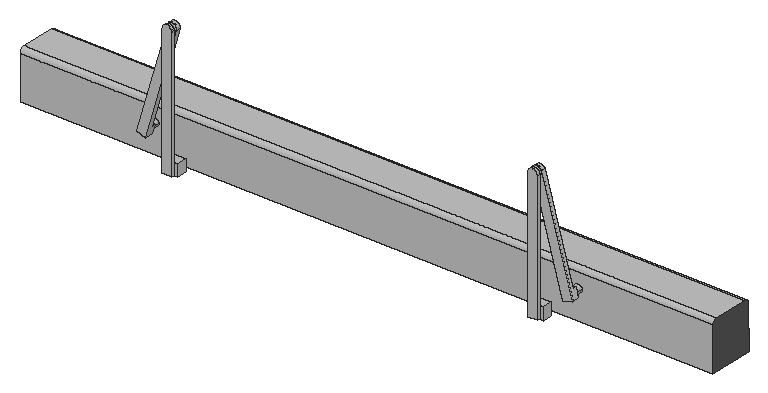
Revit family "Door-Operator_Electric_Tormax_1201", category Generic Models, Revit 2026
Family settings
  Can host rebar = No
  Round Connector Dimension = Use Diameter
  Part Type = Normal
  Classification Number = 23.30.40.11.34
  Work Plane-Based = Yes
  Always vertical = No
  Cut with Voids When Loaded = No
  Maintain Annotation Orientation = No
  Shared = No
  Room Calculation Point = No
Parameters (values of type "as Specified")
  Wind Load = "as Specified"
  Warranty Duration (Years) = 0
  Unit Width [instance] = if(Custom Full Header Width > 0' 0", Custom Full Header Width, 2' 7 1/2")  # 6' - 0"
  Unit Height = 0' - 4 9/16"
  Unit Depth = 0' - 5"
  URL = "http://www.tormaxusa.com/"
  Test Data = ""
  Standards Conformance = "as Specified"
  Specification = "https://www.arcat.com/sdspecs/htm04/08_71_13tor.htm"
  SpecWizard = "https://www.arcat.com/specwizard/08731tor/index04.htm"
  Sound Pressure = "as Specified"
  Side Finish [instance] = Finish - Tormax - Black
  Send Message = ""
  Sales Information = "http://www.tormaxusa.com/en/43/contact"
  Revision = "R1_2018-04"
  Product Properties = ""
  Product Page URL = ""
  Product Data = "https://www.arcat.com/arcatcos/cos43/arc43969.html"
  Operator Arm Side B = Operator Arm : Standard Arm
  Operator Arm Side A = Operator Arm : Standard Arm
  Model = "as Specified"
  Manufacturer Website = "http://www.tormaxusa.com/"
  Manufacturer Phone - Toll Free = "888-685-3707"
  Manufacturer Phone = "210-494-3551"
  Manufacturer Fax = "210-494-5930"
  Manufacturer Address = "12859 Wetmore Rd. San Antonio, TX 78247"
  Manufacturer = "TORMAX USA Inc."
  Maintenance Schedule (Months) = 0
  Keynote = "08 71 13"
  Installation-Fabrication = ""
  Installation Phase = ""
  Hardware Finish [instance] = Finish - Tormax - Aluminum
  Green Building-LEED = "https://www.arcat.com/green/clients/leed_data_43969.html"
  Expected Lifespan (Years) = 0
  Electrical_Voltage [instance] = 120 V
  Electrical_VA [instance] = Electrical_Voltage * Electrical_Amperage  # 0 VA
  Electrical_Phase [instance] = 1
  Electrical_Number of Poles [instance] = 1
  Electrical_Frequency [instance] = 60 Hz
  Electrical_Amperage [instance] = 0 A
  Drawn By = "Sumex Design, Inc. / Robert S. Weygant, CSI, CDT, SCIP"
  Door Reveal Side B [instance] = 0' - 0"
  Door Reveal Side A [instance] = 0' - 0"
  Description = "Tormax Product as Specified"
  Default Elevation = 4' - 0"
  Custom Full Header Width [instance] = 6' - 0"
  Copyright = "©Arcat Inc."
  Construction Details = "https://www.arcat.com/details/tormax/tormax.html?coid=43969"
  Capacity = "as Specified"
  CAD Details = ""
  Building Codes = ""
  Available Options = "as Specified"
  Assembly Code = "C1020410"
  Arm Spindle CL Inset [instance] = 1' - 2"
  Arm Finish [instance] = Finish - Tormax - Aluminum
Reference planes (in)
  plane 1 "Center (Front/Back)": y = 0
  plane 2 "Bottom": z = 0
  plane 3 "Center (Left/Right)": x = 0
  plane 4 "Back": y = 4.5625
  plane 5 "Left": x = -36
  plane 6 "Right": x = 36
  plane 7: x = -22
  plane 8: z = 0
  plane 9: x = 22
  plane 10: z = 3
Forms (in)
  Extrusion 1, solid, material "Finish - Tormax - Aluminum" <- "Hardware Finish"
    sketch origin (0, 0, 0) x (1, 0, 0) y (0, 0, 1)
      loop
        line (-36, 0) -> (36, 0) -> (36, 5) -> (-36, 5) -> (-36, 0)
    from 0 to -4.5625
  Extrusion 2, void
    sketch origin (0, 0, 0) x (0, 1, 0) y (0, 0, 1)
      loop
        line (0, 5) -> (0, 4.5)
        arc (0, 4.5) -> (0.14645, 4.85355) -> (0.5, 5) r 0.5
        line (0.5, 5) -> (0, 5)
      loop
        line (4.5625, 5) -> (4.0625, 5)
        arc (4.0625, 5) -> (4.41605, 4.85355) -> (4.5625, 4.5) r 0.5
        line (4.5625, 4.5) -> (4.5625, 5)
    from -36 to 36
Cuts and joins
  Extrusion 2 cuts Extrusion 1
Dimensions and locks (in)
  "Unit Height": plane 4 "Back" to plane 1 "Center (Front/Back)"
  equal spacing: plane 5 "Left", plane 3 "Center (Left/Right)", plane 6 "Right"
  "Unit Width": plane 5 "Left" to plane 6 "Right"
  "Arm Spindle CL Inset": plane 5 "Left" to plane 7
  "Door Reveal Side A": level to plane 8
  "Arm Spindle CL Inset": plane 9 to plane 6 "Right"
  plane 1 "Center (Front/Back)" to nested 1 = 0' - 0"
  plane 1 "Center (Front/Back)" to nested 2 = 0' - 0"
  locked: plane 10 to level at 3
  Extrusion 2 sketch curve to plane 4 "Back" to Extrusion 2 sketch curve = 0' - 0 1/2" locked, 0' - 0" locked
  aligned and locked: plane 7 to nested 1
  aligned and locked: nested 2 to plane 9
  aligned and locked: Extrusion 1 sketch curve to plane 6 "Right"
  aligned and locked: plane 5 "Left" to Extrusion 1 sketch curve
  aligned and locked: plane 6 "Right" to Extrusion 2
  aligned and locked: Extrusion 2 to plane 5 "Left"
  aligned and locked: plane 4 "Back" to Extrusion 1
Automatic sketch dimensions
  Extrusion 1 sketch curve to level = 0' - 0"
  level to Extrusion 1 sketch curve = 0' - 5"
  Extrusion 2 sketch curve to plane 1 "Center (Front/Back)" = 0' - 0"
  Extrusion 2 sketch curve to Extrusion 2 sketch curve = 0' - 0 1/2"
  plane 10 to Extrusion 2 sketch curve = 0' - 2"
  plane 10 to Extrusion 2 sketch curve = 0' - 1 1/2"
Nested families (in)
  nested 1: "Operator Arm" at (-22, 0, 0), Hardware Finish <- "Arm Finish", type <- "Operator Arm Side A", Reveal <- "Door Reveal Side A", type "Standard Arm"
    with spindlevis yes, Spindle CL from Rear of Case 0' - 3", Reveal 0' - 0", Hardware Finish Finish - Tormax - Aluminum
  nested 2: "Operator Arm" at (22, 0, 0) x (-1, 0, 0) z (0, 0, 1), Hardware Finish <- "Arm Finish", type <- "Operator Arm Side B", Reveal <- "Door Reveal Side B", type "Standard Arm"
    with spindlevis yes, Spindle CL from Rear of Case 0' - 3", Reveal 0' - 0", Hardware Finish Finish - Tormax - Aluminum
Connectors (in)
  electrical at (0, 2.28125, 0), driven by "Electrical_Number of Poles", driven by "Electrical_Voltage", driven by "Electrical_VA"
    settings: on Extrusion 1, index 2, voltage 120 V, apparent load 0 VA, apparent load phase1 0 VA, apparent load phase2 0 VA, apparent load phase3 0 VA, power factor 1, load classification "Other", number of poles 1, system type 31, power factor state 1, is connector primary yes, connector utility no, sub classification motor no, connector description ""
  electrical at (0, 2.28125, 0)
    settings: on Extrusion 1, index 3, voltage 0 V, apparent load 0 VA, apparent load phase1 0 VA, apparent load phase2 0 VA, apparent load phase3 0 VA, power factor 1, load classification "Other", number of poles 1, system type 13, power factor state 1, is connector primary no, connector utility no, sub classification motor no, connector description ""
Definition of nested family "Operator Arm"
  Parameters (values of type "Standard Arm")
    spindlevis [instance] = or(Arm, Track Flush, Track Reveal)  # yes
    Warranty Duration (Years) = 0
    URL = ""
    Track Reveal = no
    Track Flush = no
    Spindle CL from Rear of Case [instance] = 0' - 3"
    Model = ""
    Manufacturer = ""
    Maintenance Schedule (Months) = 0
    Keynote = ""
    Installation Phase = ""
    Hardware Finish [instance] = none
    Expected Lifespan (Years) = 0
    Reveal [instance] = 0' - 3"
    Description = ""
    Default Elevation = 4' - 0"
    Assembly Code = ""
    Arm = yes
  Types (5): name | spindlevis | Track Reveal | Track Flush | Arm
    (no name) | yes | no | no | yes
    Standard Arm | yes | no | no | yes
    Track Arm Flush | yes | no | yes | no
    Track Arm for Reveal | yes | yes | no | no
    No Arm | no | no | no | no
  Reference planes (in)
    plane 1 "Center (Front/Back)": y = 0
    plane 2 "Bottom": z = 0
    plane 3 "Center (Left/Right)": x = 0
    plane 4: z = -3
    plane 5: z = 3
    plane 6: x = 16.93119
    plane 7: z = 7.43749
    plane 8: z = -1.75603
    plane 9: x = 9.51623
  Forms (in)
    Extrusion 1, solid, material <- "Hardware Finish", visible <- "Track Flush"
      sketch origin (0, 0, 0) x (1, 0, 0) y (0, 0, 1)
        loop
          line (-10, 0) -> (18, 0) -> (18, 0.5) -> (-10, 0.5) -> (-10, 0)
      from 1.75 to 3.0625
    Extrusion 2, solid, material <- "Hardware Finish", visible <- "Track Flush"
      sketch origin (0, 0, 0) x (1, 0, 0) y (0, 0, 1)
        loop
          line (-10, 0.5) -> (18, 0.5) -> (18, 1.9375) -> (-10, 1.9375) -> (-10, 0.5)
      from 1.8125 to 3
    Extrusion 3, solid, material <- "Hardware Finish", visible <- "spindlevis"
      sketch origin (0, 0, 0) x (1, 0, 0) y (0, 0, 1)
        loop
          circle (0, 3) r 0.375
      from 0 to 1.01149
    Extrusion 4, solid, material <- "Hardware Finish", visible <- "Track Flush"
      sketch origin (-0.36561, 0, 0.02236) x (0.992546, 0, -0.121869) y (0.121869, 0, 0.992546)
        loop
          line (0.5, 3.5) -> (-0.5, 3.5) -> (-0.5, 2.5) -> (0.5, 2.5) -> (0.5, 3.5)
      from 0.75 to 1.5
    Extrusion 5, solid, material <- "Hardware Finish", visible <- "Track Flush"
      sketch origin (-0.36561, 0, 0.02236) x (0.992546, 0, -0.121869) y (0.121869, 0, 0.992546)
        loop
          line (-0.5, 3.5) -> (-0.5, 2.5) -> (14, 2.5)
          arc (14, 2.5) -> (14.5, 3) -> (14, 3.5) r 0.5
          line (14, 3.5) -> (-0.5, 3.5)
      from 1.125 to 1.5
    Extrusion 6, solid, material <- "Hardware Finish", visible <- "Track Flush"
      sketch origin (0, 0, 0) x (1, 0, 0) y (0, 0, 1)
        loop
          circle (13.89565, 1.29383) r 0.25
      from 1.5 to 1.8125
    Extrusion 7, solid, material <- "Hardware Finish", visible <- "Arm"
      sketch origin (-0.82691, 0, 0.11621) x (-0.961262, 0, 0.275637) y (-0.275637, 0, -0.961262)
        loop
          line (0.5, -2.5) -> (-0.5, -2.5) -> (-0.5, -14)
          arc (-0.5, -14) -> (0, -14.5) -> (0.5, -14) r 0.5
          line (0.5, -14) -> (0.5, -2.5)
      from 1.1875 to 1.5625
    Extrusion 8, solid, material <- "Hardware Finish", visible <- "Arm"
      sketch origin (-0.82691, 0, 0.11621) x (-0.961262, 0, 0.275637) y (-0.275637, 0, -0.961262)
        loop
          circle (0, -14) r 0.4375
      from 1.5625 to 1.9375
    Extrusion 9, solid, material <- "Hardware Finish", visible <- "Arm"
      sketch origin (3, 0, 0) x (-1, 0, 0) y (0, 0, -1)
        loop
          line (0.5, 2.875) -> (-0.5, 2.875) -> (-0.5, -13.57285)
          arc (-0.5, -13.57285) -> (0, -14.07285) -> (0.5, -13.57285) r 0.5
          line (0.5, -13.57285) -> (0.5, 2.875)
      from 1.9375 to 2.1875
    Extrusion 10, solid, material <- "Hardware Finish", visible <- "Arm"
      sketch origin (-0.82691, 0, 0.11621) x (-0.961262, 0, 0.275637) y (-0.275637, 0, -0.961262)
        loop
          line (0.5, -3.5) -> (0.5, -2.5) -> (-0.5, -2.5) -> (-0.5, -3.5) -> (0.5, -3.5)
      from 0.8125 to 1.5625
    Extrusion 11, solid, material <- "Hardware Finish", visible <- "Arm"
      sketch origin (0, 0, 0) x (1, 0, 0) y (0, 0, 1)
        loop
          line (3.75, -3) -> (3.75, -1.75) -> (2.25, -1.75) -> (2.25, -3) -> (3.75, -3)
      from 0.75 to 1.75
    Extrusion 12, solid, material <- "Hardware Finish", visible <- "Track Reveal"
      sketch origin (3, 0, -3) x (1, 0, 0) y (0, 0, 1)
        loop
          line (-10, 0) -> (18, 0) -> (18, 0.5) -> (-10, 0.5) -> (-10, 0)
      from 3.1875 to 4.5
    Extrusion 13, solid, material <- "Hardware Finish", visible <- "Track Reveal"
      sketch origin (3, 0, -3) x (1, 0, 0) y (0, 0, 1)
        loop
          line (-10, 0.5) -> (18, 0.5) -> (18, 1.9375) -> (-10, 1.9375) -> (-10, 0.5)
      from 3.25 to 4.4375
    Extrusion 14, solid, material <- "Hardware Finish", visible <- "Track Reveal"
      sketch origin (1.26785, 0, 0.28108) x (0.906308, 0, 0.422618) y (-0.422618, 0, 0.906308)
        loop
          line (-0.5, 2.5) -> (0.5, 2.5) -> (0.5, 3.5) -> (-0.5, 3.5) -> (-0.5, 2.5)
      from 0.25 to 1
    Extrusion 15, solid, material <- "Hardware Finish", visible <- "Track Reveal"
      sketch origin (1.26785, 0, 0.28108) x (0.906308, 0, 0.422618) y (-0.422618, 0, 0.906308)
        loop
          line (-0.5, 3.5) -> (-0.5, 2.5) -> (10.5, 2.5)
          arc (10.5, 2.5) -> (11, 3) -> (10.5, 3.5) r 0.5
          line (10.5, 3.5) -> (-0.5, 3.5)
      from 0.625 to 1
    Extrusion 16, solid, material <- "Hardware Finish", visible <- "Track Reveal"
      sketch origin (0, 0, 0) x (1, 0, 0) y (0, 0, 1)
        loop
          circle (9.51623, 7.43749) r 0.4375
      from 1 to 2.5625
    Extrusion 17, solid, material <- "Hardware Finish", visible <- "Track Reveal"
      sketch origin (9.51623, 0, 7.43749) x (0.627795, 0, -0.778379) y (0.778379, 0, 0.627795)
        loop
          arc (0.00056, 0.5) -> (-0.5, 0) -> (0.00056, -0.5) r 0.5
          line (0.00056, -0.5) -> (11.81057, -0.48667)
          arc (11.81057, -0.48667) -> (12.29778, -0.00054) -> (11.81165, 0.48667) r 0.48667
          line (11.81165, 0.48667) -> (0.00056, 0.5)
      from 2.5625 to 2.8125
    Extrusion 18, solid, material <- "Hardware Finish", visible <- "Track Reveal"
      sketch origin (0, 0, 0) x (1, 0, 0) y (0, 0, 1)
        loop
          circle (16.93119, -1.75603) r 0.25
      from 2.8125 to 3.25
  Cuts and joins
    joined: Extrusion 4, Extrusion 5
    joined: Extrusion 7, Extrusion 10
    joined: Extrusion 14, Extrusion 15
  Lines and regions (in)
    reference lines
      curve 1: line (9.51623, 0, 7.43749) -> (16.93119, 0, -1.75603)
  Dimensions and locks (in)
    "Reveal": level to plane 4
    "Spindle CL from Rear of Case": plane 5 to level
    Extrusion 12 sketch curve to plane 4 to Extrusion 12 sketch curve = 0' - 0 1/2" locked, 0' - 0" locked
    Extrusion 13 sketch curve to Extrusion 13 sketch curve to plane 4 = 0' - 1 7/16" locked, 0' - 0 1/2" locked
    locked: plane 8 to plane 4 at 1.24397
    locked: plane 6 to plane 3 "Center (Left/Right)" at 16.93119
    locked: plane 6 to Extrusion 18 sketch curve at 0
    locked: plane 8 to Extrusion 18 sketch curve at 0
    aligned and locked: plane 6 to curve 1
    aligned and locked: plane 8 to curve 1
    aligned and locked: plane 7 to curve 1
    aligned and locked: plane 9 to curve 1
  Automatic sketch dimensions
    Extrusion 1 sketch curve to level = 0' - 0"
    level to Extrusion 1 sketch curve = 0' - 0 1/2"
    Extrusion 1 sketch curve to plane 3 "Center (Left/Right)" = 0' - 10"
    plane 3 "Center (Left/Right)" to Extrusion 1 sketch curve = 1' - 6"
    Extrusion 2 sketch curve to plane 5 = 0' - 1 1/16"
    Extrusion 2 sketch curve to plane 3 "Center (Left/Right)" = 0' - 10"
    plane 3 "Center (Left/Right)" to Extrusion 2 sketch curve = 1' - 6"
    level to Extrusion 2 sketch curve = 0' - 0 1/2"
    Extrusion 3 sketch curve to plane 3 "Center (Left/Right)" = 0' - 0"
    Extrusion 3 sketch curve to plane 5 = 0' - 0"
    Extrusion 4 sketch curve to plane 3 "Center (Left/Right)" = 0' - 0.43534"
    plane 5 to Extrusion 4 sketch curve = 0' - 0.55721"
    Extrusion 4 sketch curve to Extrusion 4 sketch curve = 0' - 1"  (x2)
    plane 5 to Extrusion 5 sketch curve = 0' - 0.55721"
    Extrusion 5 sketch curve to plane 3 "Center (Left/Right)" = 0' - 0.43534"
    Extrusion 5 sketch curve to Extrusion 5 sketch curve = 1' - 2 1/2"
    Extrusion 5 sketch curve to Extrusion 5 sketch curve = 0' - 0 1/2"
    level to Extrusion 6 sketch curve = 0' - 1.29383"
    plane 3 "Center (Left/Right)" to Extrusion 6 sketch curve = 1' - 1.89565"
    Extrusion 7 sketch curve to plane 3 "Center (Left/Right)" = 0' - 0.34281"
    plane 5 to Extrusion 7 sketch curve = 0' - 0.61845"
    Extrusion 7 sketch curve to Extrusion 7 sketch curve = 0' - 0 1/2"
    Extrusion 7 sketch curve to Extrusion 7 sketch curve = 0' - 11 1/2"
    Extrusion 8 sketch curve to plane 3 "Center (Left/Right)" = 0' - 3.03201"
    Extrusion 8 sketch curve to plane 5 = 0' - 10.57388"
    plane 4 to Extrusion 9 sketch curve = 0' - 0 1/8"
    Extrusion 9 sketch curve to plane 3 "Center (Left/Right)" = 0' - 3 1/2"
    Extrusion 9 sketch curve to Extrusion 9 sketch curve = 0' - 0 1/2"
    Extrusion 9 sketch curve to plane 5 = 0' - 10.57285"
    Extrusion 10 sketch curve to plane 5 = 0' - 0.34281"
    Extrusion 10 sketch curve to plane 3 "Center (Left/Right)" = 0' - 0.61845"
    Extrusion 10 sketch curve to Extrusion 10 sketch curve = 0' - 1"  (x2)
    Extrusion 11 sketch curve to plane 4 = 0' - 0"
    plane 3 "Center (Left/Right)" to Extrusion 11 sketch curve = 0' - 2 1/4"
    Extrusion 11 sketch curve to Extrusion 11 sketch curve = 0' - 1 1/2"
    Extrusion 11 sketch curve to Extrusion 11 sketch curve = 0' - 1 1/4"
    Extrusion 12 sketch curve to plane 3 "Center (Left/Right)" = 0' - 7"
    plane 3 "Center (Left/Right)" to Extrusion 12 sketch curve = 1' - 9"
    Extrusion 13 sketch curve to plane 3 "Center (Left/Right)" = 0' - 7"
    plane 3 "Center (Left/Right)" to Extrusion 13 sketch curve = 1' - 9"
    plane 5 to Extrusion 14 sketch curve = 0' - 0.24184"
    Extrusion 14 sketch curve to plane 3 "Center (Left/Right)" = 0' - 0.66446"
    Extrusion 14 sketch curve to Extrusion 14 sketch curve = 0' - 1"  (x2)
    Extrusion 15 sketch curve to plane 3 "Center (Left/Right)" = 0' - 0.24184"
    Extrusion 15 sketch curve to plane 5 = 0' - 0.66446"
    Extrusion 15 sketch curve to Extrusion 15 sketch curve = 0' - 11"
    Extrusion 15 sketch curve to Extrusion 15 sketch curve = 0' - 0 1/2"
    plane 5 to Extrusion 16 sketch curve = 0' - 4 7/16"
    plane 3 "Center (Left/Right)" to Extrusion 16 sketch curve = 0' - 9.51623"
    Extrusion 17 sketch curve to curve 1 = 0' - 0"  (x3)
    curve 1 to Extrusion 17 sketch curve = 0' - 0"
    curve 1 to Extrusion 17 sketch curve = 0' - 0.00056"  (x2)
    Extrusion 17 sketch curve to curve 1 = 0' - 0.00054"
    Extrusion 17 sketch curve to curve 1 = 0' - 0.48667"
    curve 1 to Extrusion 17 sketch curve = 0' - 0.00054"
    Extrusion 17 sketch curve to curve 1 = 0' - 0 1/2"
    radius of Extrusion 3 sketch curve = 0' - 0 3/8"
    radius of Extrusion 6 sketch curve = 0' - 0 1/4"
    radius of Extrusion 8 sketch curve = 0' - 0 7/16"
    radius of Extrusion 16 sketch curve = 0' - 0 7/16"
    radius of Extrusion 18 sketch curve = 0' - 0 1/4"
